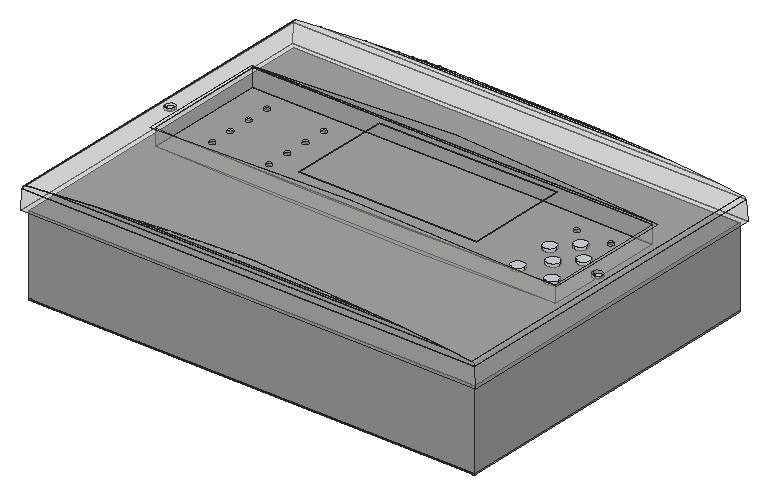
Revit family "Maxlogic Адресный Блок-мнемосхема", category Fire Alarm Devices, host Face, Revit 2021
Family settings
  Host = Face
  Maintain Annotation Orientation = Yes
  Round Connector Dimension = Use Diameter
  Part Type = Normal
  OmniClass Number = 23.85.30.21
  OmniClass Title = Environmental Detection/Registration
  Cut with Voids When Loaded = No
  Shared = No
  Room Calculation Point = No
Parameters (values of type "Maxlogic Адресный Блок-мнемосхема")
  Вес = "4900 гр"
  Монтажный короб для установки извещателя с поверхностной прокладкой кабеля = ""
  Гарантийный срок = "Года"
  Гарантийный срок запчастей = "2"
  Гарантия срока службы = "2"
  Версия = ""
  URL = "https://www.mavili.com.tr/"
  Монтажный комплект для установки извещателя в подвесной потолок = ""
  Номер позы общественных работ = ""
  Класс защиты = ""
  Код продукта = "ML-1280"
  Номер телефона = "(+)90 216 466 45 05"
  Рабочее напряжение (по умолчанию) = ""
  Диапазон рабочего напряжения = ""
  Рабочая Температура = "(-5°C) - (+50°C)"
  Номинальная глубина = "100 мм"
  Номинальная ширина = "400 мм"
  Номинальная высота = "300 мм"
  Монтажная поверхность = "Настенная"
  Монтажная высота = ""
  Model = "Maxlogic"
  Manufacturer = "Mavili Elektronik Ticaret A.Ş."
  Инструкция по установке = "https://mavilielektronik.com/Revit/ML1280_enkk.pdf"
  Выход индикации = ""
  Номер факса = "(+)90 216 466 45 10"
  Резервное питание = "220 В Перем. ток"
  Почта = "mavili@mavili.com.tr"
  Отказ = ""
  Настройка адреса устройства = ""
  Description = "Адресный Блок-мнемосхема"
  Default Elevation = 0 mm
  Потребление тока = ""
  Валюта = ""
  Cost = 0
  Совместимые базы для монтажа = ""
  Цвет = "Белый"
  Производительность кода = "EN 54-4"
  Главный Материал = "Серый металлический"
  Вторичный материал = "Белый пластмассовый ABS"
  Аккумулятор = "2 X (12В Пост. ток 7 Aм в час )"
  Assembly Code = ""
  Адрес №1 = "Şerifali Mahallesi Kutup Sokak No:27/1-2-4 Ümraniye TR-34775 İSTANBUL"
Reference planes
  plane 1 "Center (Front/Back)": y = 0
  plane 2: z = 0
  plane 3 "Center (Left/Right)": x = 0
Forms (mm)
  Extrusion 1, solid, material "mavili arka kasa"
    sketch origin (-210, -150, 148.173) x (1, 0, 0) y (0, 0, -1)
      loop
        line (42.905, 77.3) -> (434.905, 77.3) -> (434.905, 146.904)
        arc (434.905, 146.904) -> (434.545, 147.715) -> (433.785, 148.173) r 1.476
        line (433.785, 148.173) -> (44.505, 148.173)
        arc (44.505, 148.173) -> (43.374, 147.704) -> (42.905, 146.573) r 1.6
        line (42.905, 146.573) -> (42.905, 77.3)
    from 0 to 300
  Extrusion 2, solid, material "Mavili beyaz"
    sketch origin (-210, -150, 148.173) x (1, 0, 0) y (0, 0, -1)
      loop
        line (38.905, 77.3) -> (39.824, 59.769)
        arc (39.824, 59.769) -> (40.651, 57.854) -> (42.526, 56.941) r 3
        arc (42.526, 56.941) -> (238.905, 47.3) -> (435.284, 56.941) r 2005
        arc (435.284, 56.941) -> (437.16, 57.854) -> (437.987, 59.769) r 3
        line (437.987, 59.769) -> (438.905, 77.3) -> (38.905, 77.3)
    from 0 to 300
  Extrusion 3, void
    sketch origin (-167.095, -150, 70.872) x (0, 0, 1) y (0, -1, 0)
      loop
        arc (-69.27, -296) -> (-70.403, -295.532) -> (-70.872, -294.4) r 1.6
        line (-70.872, -294.4) -> (-70.872, -300) -> (0, -300) -> (0, -296) -> (-69.27, -296)
    from 0 to 392
  Extrusion 4, void
    sketch origin (-167.095, 150, 70.872) x (0, 0, 1) y (0, -1, 0)
      loop
        line (-69.27, 296) -> (0, 296) -> (0, 300) -> (-70.872, 300) -> (-70.872, 294.4)
        arc (-70.872, 294.4) -> (-70.403, 295.532) -> (-69.27, 296) r 1.6
    from 0 to 392
  Extrusion 5, void
    sketch origin (-210, -150, 148.173) x (0, 0, -1) y (0, 1, 0)
      loop
        line (55.289, 116.326) -> (55.289, 228.158) -> (47.3, 228.297) -> (47.3, 111.721) -> (55.289, 116.326)
    from 0 to 497.127
  Extrusion 6, void
    sketch origin (-210, -150, 148.173) x (0, 0, -1) y (0, 1, 0)
      loop
        arc (47.3, 295.581) -> (48.124, 297.646) -> (50.143, 298.577) r 3
        line (50.143, 298.577) -> (51.913, 298.669) -> (55.057, 298.834) -> (59.769, 299.081) -> (77.3, 300) -> (50, 300) -> (47.3, 300) -> (47.3, 295.581)
    from 0 to 493.151
  Extrusion 7, void
    sketch origin (-210, 150, 148.173) x (0, 0, -1) y (0, 1, 0)
      loop
        line (47.3, -295.581) -> (47.3, -300) -> (50, -300) -> (77.3, -300) -> (59.769, -299.081) -> (55.057, -298.834) -> (51.913, -298.669) -> (50.143, -298.577)
        arc (50.143, -298.577) -> (48.124, -297.646) -> (47.3, -295.581) r 3
    from 0 to 493.151
  Extrusion 8, void
    sketch origin (-167.095, 146, 25.472) x (0, 0, -1) y (1, 0, 0)
      loop
        line (-13.523, 66.9) -> (-13.523, 68.054)
        arc (-13.523, 68.054) -> (-15, 68.144) -> (-16.477, 68.054) r 12.144
        line (-16.477, 68.054) -> (-16.477, 66.9)
        arc (-16.477, 66.9) -> (-26, 56.025) -> (-16.527, 45.106) r 11
        line (-16.527, 45.106) -> (-16.527, 43.952)
        arc (-16.527, 43.952) -> (-15, 43.856) -> (-13.473, 43.952) r 12.144
        line (-13.473, 43.952) -> (-13.473, 45.106)
        arc (-13.473, 45.106) -> (-4, 56.025) -> (-13.523, 66.9) r 11
    from 0 to 1
  Extrusion 9, void
    sketch origin (-127.095, 146, 25.472) x (0, 0, -1) y (1, 0, 0)
      loop
        line (-13.523, 66.9) -> (-13.523, 68.054)
        arc (-13.523, 68.054) -> (-15, 68.144) -> (-16.477, 68.054) r 12.144
        line (-16.477, 68.054) -> (-16.477, 66.9)
        arc (-16.477, 66.9) -> (-26, 56.025) -> (-16.527, 45.106) r 11
        line (-16.527, 45.106) -> (-16.527, 43.952)
        arc (-16.527, 43.952) -> (-15, 43.856) -> (-13.473, 43.952) r 12.144
        line (-13.473, 43.952) -> (-13.473, 45.106)
        arc (-13.473, 45.106) -> (-4, 56.025) -> (-13.523, 66.9) r 11
    from 0 to 1
  Extrusion 10, void
    sketch origin (-87.095, 146, 25.472) x (0, 0, -1) y (1, 0, 0)
      loop
        line (-13.523, 66.9) -> (-13.523, 68.054)
        arc (-13.523, 68.054) -> (-15, 68.144) -> (-16.477, 68.054) r 12.144
        line (-16.477, 68.054) -> (-16.477, 66.9)
        arc (-16.477, 66.9) -> (-26, 56.025) -> (-16.527, 45.106) r 11
        line (-16.527, 45.106) -> (-16.527, 43.952)
        arc (-16.527, 43.952) -> (-15, 43.856) -> (-13.473, 43.952) r 12.144
        line (-13.473, 43.952) -> (-13.473, 45.106)
        arc (-13.473, 45.106) -> (-4, 56.025) -> (-13.523, 66.9) r 11
    from 0 to 1
  Extrusion 11, void
    sketch origin (-47.095, 146, 25.472) x (0, 0, -1) y (1, 0, 0)
      loop
        line (-13.523, 66.9) -> (-13.523, 68.054)
        arc (-13.523, 68.054) -> (-15, 68.144) -> (-16.477, 68.054) r 12.144
        line (-16.477, 68.054) -> (-16.477, 66.9)
        arc (-16.477, 66.9) -> (-26, 56.025) -> (-16.527, 45.106) r 11
        line (-16.527, 45.106) -> (-16.527, 43.952)
        arc (-16.527, 43.952) -> (-15, 43.856) -> (-13.473, 43.952) r 12.144
        line (-13.473, 43.952) -> (-13.473, 45.106)
        arc (-13.473, 45.106) -> (-4, 56.025) -> (-13.523, 66.9) r 11
    from 0 to 1
  Extrusion 12, void
    sketch origin (-7.095, 146, 25.472) x (0, 0, -1) y (1, 0, 0)
      loop
        line (-13.523, 66.9) -> (-13.523, 68.054)
        arc (-13.523, 68.054) -> (-15, 68.144) -> (-16.477, 68.054) r 12.144
        line (-16.477, 68.054) -> (-16.477, 66.9)
        arc (-16.477, 66.9) -> (-26, 56.025) -> (-16.527, 45.106) r 11
        line (-16.527, 45.106) -> (-16.527, 43.952)
        arc (-16.527, 43.952) -> (-15, 43.856) -> (-13.473, 43.952) r 12.144
        line (-13.473, 43.952) -> (-13.473, 45.106)
        arc (-13.473, 45.106) -> (-4, 56.025) -> (-13.523, 66.9) r 11
    from 0 to 1
  Extrusion 13, void
    sketch origin (32.905, 146, 25.472) x (0, 0, -1) y (1, 0, 0)
      loop
        line (-13.523, 66.9) -> (-13.523, 68.054)
        arc (-13.523, 68.054) -> (-15, 68.144) -> (-16.477, 68.054) r 12.144
        line (-16.477, 68.054) -> (-16.477, 66.9)
        arc (-16.477, 66.9) -> (-26, 56.025) -> (-16.527, 45.106) r 11
        line (-16.527, 45.106) -> (-16.527, 43.952)
        arc (-16.527, 43.952) -> (-15, 43.856) -> (-13.473, 43.952) r 12.144
        line (-13.473, 43.952) -> (-13.473, 45.106)
        arc (-13.473, 45.106) -> (-4, 56.025) -> (-13.523, 66.9) r 11
    from 0 to 1
  Extrusion 14, void
    sketch origin (72.905, 146, 25.472) x (0, 0, -1) y (1, 0, 0)
      loop
        line (-13.523, 66.9) -> (-13.523, 68.054)
        arc (-13.523, 68.054) -> (-15, 68.144) -> (-16.477, 68.054) r 12.144
        line (-16.477, 68.054) -> (-16.477, 66.9)
        arc (-16.477, 66.9) -> (-26, 56.025) -> (-16.527, 45.106) r 11
        line (-16.527, 45.106) -> (-16.527, 43.952)
        arc (-16.527, 43.952) -> (-15, 43.856) -> (-13.473, 43.952) r 12.144
        line (-13.473, 43.952) -> (-13.473, 45.106)
        arc (-13.473, 45.106) -> (-4, 56.025) -> (-13.523, 66.9) r 11
    from 0 to 1
  Extrusion 15, void
    sketch origin (112.905, 146, 25.472) x (0, 0, -1) y (1, 0, 0)
      loop
        line (-13.523, 66.9) -> (-13.523, 68.054)
        arc (-13.523, 68.054) -> (-15, 68.144) -> (-16.477, 68.054) r 12.144
        line (-16.477, 68.054) -> (-16.477, 66.9)
        arc (-16.477, 66.9) -> (-26, 56.025) -> (-16.527, 45.106) r 11
        line (-16.527, 45.106) -> (-16.527, 43.952)
        arc (-16.527, 43.952) -> (-15, 43.856) -> (-13.473, 43.952) r 12.144
        line (-13.473, 43.952) -> (-13.473, 45.106)
        arc (-13.473, 45.106) -> (-4, 56.025) -> (-13.523, 66.9) r 11
    from 0 to 1
  Extrusion 16, void
    sketch origin (-210, -33.417, 92.884) x (-1, 0, 0) y (0, 1, 0)
      loop
        line (-62.836, 2.214) -> (-62.836, 108.579)
        spline (-62.836, 108.579) -> (-92.123, 108.62) -> (-121.442, 108.654) -> (-150.785, 108.681) -> (-180.148, 108.699) -> (-209.524, 108.711) -> (-238.905, 108.714) -> (-268.287, 108.711) -> (-297.662, 108.699) -> (-327.025, 108.681) -> (-356.369, 108.654) -> (-385.687, 108.62) -> (-414.974, 108.579)
        line (-414.974, 108.579) -> (-414.974, 2.214)
        spline (-414.974, 2.214) -> (-385.687, 0.847) -> (-356.369, -0.273) -> (-327.025, -1.144) -> (-297.662, -1.766) -> (-268.287, -2.14) -> (-238.905, -2.264) -> (-209.524, -2.14) -> (-180.148, -1.766) -> (-150.785, -1.144) -> (-121.442, -0.273) -> (-92.123, 0.847) -> (-62.836, 2.214)
    from 0 to 15
  Revolve 17, solid, material "Glass"
    sketch origin (-213.581, 144.917, 77.884) x (-1, 0, 0) y (0, -1, 0)
      loop
        arc (-91.405, 87.917) -> (-93.905, 90.417) -> (-96.405, 87.917) r 2.5
        line (-96.405, 87.917) -> (-91.405, 87.917)
      axis (-91.405, 87.917) -> (-96.405, 87.917)
    angle from 0 to -180
  Extrusion 18, solid
    sketch origin (73.914, -21.417, 77.884) x (0, 1, 0) y (-1, 0, 0)
      loop
        circle (63.417, -93.905) r 5.5
    from 0 to 2
  Extrusion 19, void
    sketch origin (-210, -33.417, 92.884) x (-1, 0, 0) y (0, 1, 0)
      loop
        circle (-50.905, 33.417) r 4.25
    from 0 to 3
  Extrusion 20, solid
    sketch origin (-210, -33.442, 89.884) x (0, 1, 0) y (-1, 0, 0)
      loop
        line (35.753, -50.862) -> (34.597, -48.861) -> (32.286, -48.861) -> (31.13, -50.862) -> (32.286, -52.864) -> (34.597, -52.864) -> (35.753, -50.862)
    from 0 to 1
  Extrusion 21, void
    sketch origin (267.811, -33.417, 92.884) x (-1, 0, 0) y (0, 1, 0)
      loop
        circle (50.905, 33.417) r 4.25
    from 0 to 3
  Extrusion 22, solid
    sketch origin (267.811, -33.442, 89.884) x (0, 1, 0) y (-1, 0, 0)
      loop
        line (35.753, 50.862) -> (34.597, 52.864) -> (32.286, 52.864) -> (31.13, 50.862) -> (32.286, 48.861) -> (34.597, 48.861) -> (35.753, 50.862)
    from 0 to 1
  Extrusion 23, solid
    sketch origin (58.914, -36.417, 77.884) x (0, 1, 0) y (-1, 0, 0)
      loop
        circle (63.417, -93.905) r 5.5
    from 0 to 2
  Extrusion 24, solid
    sketch origin (73.914, -21.417, 77.884) x (0, 1, 0) y (-1, 0, 0)
      loop
        circle (63.417, -93.905) r 5.5
    from 0 to 2
  Extrusion 25, solid
    sketch origin (88.914, -36.417, 77.884) x (0, 1, 0) y (-1, 0, 0)
      loop
        circle (63.417, -93.905) r 5.5
    from 0 to 2
  Extrusion 26, solid
    sketch origin (73.914, -51.417, 77.884) x (0, 1, 0) y (-1, 0, 0)
      loop
        circle (63.417, -93.905) r 5.5
    from 0 to 2
  Extrusion 27, solid
    sketch origin (88.919, -71.417, 77.884) x (0, 1, 0) y (-1, 0, 0)
      loop
        circle (63.417, -93.905) r 5.5
    from 0 to 2
  Extrusion 28, solid
    sketch origin (58.919, -71.417, 77.884) x (0, 1, 0) y (-1, 0, 0)
      loop
        circle (63.417, -93.905) r 5.5
    from 0 to 2
  Revolve 29, solid, material "Glass"
    sketch origin (-163.581, 144.917, 77.884) x (-1, 0, 0) y (0, -1, 0)
      loop
        arc (-91.405, 87.917) -> (-93.905, 90.417) -> (-96.405, 87.917) r 2.5
        line (-96.405, 87.917) -> (-91.405, 87.917)
      axis (-91.405, 87.917) -> (-96.405, 87.917)
    angle from 0 to -180
  Revolve 30, solid, material "Glass"
    sketch origin (-213.581, 124.917, 77.884) x (-1, 0, 0) y (0, -1, 0)
      loop
        arc (-91.405, 87.917) -> (-93.905, 90.417) -> (-96.405, 87.917) r 2.5
        line (-96.405, 87.917) -> (-91.405, 87.917)
      axis (-91.405, 87.917) -> (-96.405, 87.917)
    angle from 0 to -180
  Revolve 31, solid, material "Glass"
    sketch origin (-163.581, 124.917, 77.884) x (-1, 0, 0) y (0, -1, 0)
      loop
        arc (-91.405, 87.917) -> (-93.905, 90.417) -> (-96.405, 87.917) r 2.5
        line (-96.405, 87.917) -> (-91.405, 87.917)
      axis (-91.405, 87.917) -> (-96.405, 87.917)
    angle from 0 to -180
  Revolve 32, solid, material "Glass"
    sketch origin (-213.581, 104.917, 77.884) x (-1, 0, 0) y (0, -1, 0)
      loop
        arc (-91.405, 87.917) -> (-93.905, 90.417) -> (-96.405, 87.917) r 2.5
        line (-96.405, 87.917) -> (-91.405, 87.917)
      axis (-91.405, 87.917) -> (-96.405, 87.917)
    angle from 0 to -180
  Revolve 33, solid, material "Glass"
    sketch origin (-163.581, 104.917, 77.884) x (-1, 0, 0) y (0, -1, 0)
      loop
        arc (-91.405, 87.917) -> (-93.905, 90.417) -> (-96.405, 87.917) r 2.5
        line (-96.405, 87.917) -> (-91.405, 87.917)
      axis (-91.405, 87.917) -> (-96.405, 87.917)
    angle from 0 to -180
  Revolve 34, solid, material "Glass"
    sketch origin (-213.581, 84.917, 77.884) x (-1, 0, 0) y (0, -1, 0)
      loop
        arc (-91.405, 87.917) -> (-93.905, 90.417) -> (-96.405, 87.917) r 2.5
        line (-96.405, 87.917) -> (-91.405, 87.917)
      axis (-91.405, 87.917) -> (-96.405, 87.917)
    angle from 0 to -180
  Revolve 35, solid, material "Glass"
    sketch origin (-163.581, 84.917, 77.884) x (-1, 0, 0) y (0, -1, 0)
      loop
        arc (-91.405, 87.917) -> (-93.905, 90.417) -> (-96.405, 87.917) r 2.5
        line (-96.405, 87.917) -> (-91.405, 87.917)
      axis (-91.405, 87.917) -> (-96.405, 87.917)
    angle from 0 to -180
  Revolve 36, solid, material "Glass"
    sketch origin (58.919, 144.917, 77.884) x (-1, 0, 0) y (0, -1, 0)
      loop
        arc (-91.405, 87.917) -> (-93.905, 90.417) -> (-96.405, 87.917) r 2.5
        line (-96.405, 87.917) -> (-91.405, 87.917)
      axis (-91.405, 87.917) -> (-96.405, 87.917)
    angle from 0 to -180
  Revolve 37, solid, material "Glass"
    sketch origin (88.919, 144.917, 77.884) x (-1, 0, 0) y (0, -1, 0)
      loop
        arc (-91.405, 87.917) -> (-93.905, 90.417) -> (-96.405, 87.917) r 2.5
        line (-96.405, 87.917) -> (-91.405, 87.917)
      axis (-91.405, 87.917) -> (-96.405, 87.917)
    angle from 0 to -180
  Extrusion 38, solid, material "Glass"
    sketch origin (-210, -33.417, 92.884) x (0, 1, 0) y (-1, 0, 0)
      loop
        line (103.017, -179.624) -> (13.817, -179.624) -> (13.817, -336.024) -> (103.017, -336.024) -> (103.017, -179.624)
    from 0 to 0.8
Cuts and joins
  Extrusion 3, Extrusion 4, Extrusion 8, Extrusion 9, Extrusion 10, Extrusion 11, Extrusion 12, Extrusion 13, Extrusion 14, Extrusion 15 cuts Extrusion 1
  Extrusion 3, Extrusion 4, Extrusion 5, Extrusion 6, Extrusion 7, Extrusion 16, Extrusion 19, Extrusion 21 cuts Extrusion 2
  Extrusion 21 cuts Extrusion 20
Dimensions and locks
  aligned and locked: plane 2 to host face
  aligned and locked: level to host face
Connectors
  electrical at (29.145, 0, 0)
    settings: on cut or joined group of Extrusion 1, Extrusion 3, Extrusion 4, Extrusion 8, Extrusion 9, Extrusion 10, Extrusion 11, Extrusion 12, Extrusion 13, Extrusion 14, Extrusion 15, index 1, voltage 0 V, apparent load 0 VA, apparent load phase1 0 VA, apparent load phase2 0 VA, apparent load phase3 0 VA, power factor 1, load classification "Other", number of poles 1, system type 31, power factor state 1, is connector primary yes, connector utility no, sub classification motor no, connector description ""
